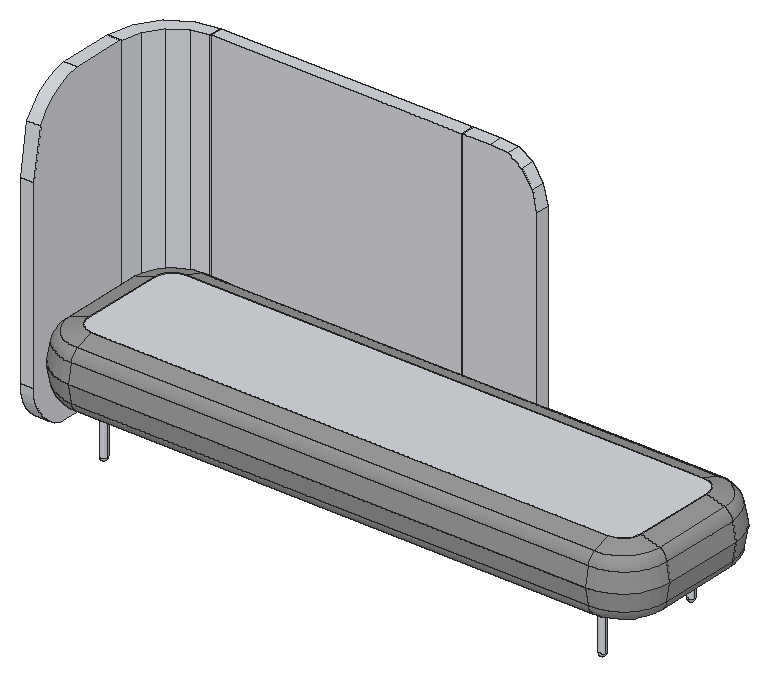
Revit family "Bernhardt-Design_Seating_ChapelleL_3-Seat_Left-Facing_Half-Wall", category Furniture, Revit 2013
Parameters (values of type "2 Seat Left Facing Half Wall")
  Model = "Chapelle"
  Mid Wall = 3' - 2"
  Length = 8' - 1 1/2"
  Description = "Seating"
  Width = 2' - 4 1/4"
  URL = "http://bernhardtdesign.com/"
  Product Page URL = "http://www.bernhardtdesign.com/products/chapelle/index.html"
  Product Name = "Chapelle"
  Product Documentation Link = "http://www.bernhardtdesign.com/pdf/pricelists/sofas/Chapelle_PL.pdf"
  Manufacturer = "Bernhardt "  # constant formula
  Level Certification = ""
  Height = 3' - 11 3/8"
  GreenGuard Certification = ""
  Bernhardt Fabric = none
Reference planes (in)
  plane 1 "Center (Front/Back)": y = 0
  plane 2 "Bottom": z = 0
  plane 3 "Center (Left/Right)": x = 0
  plane 4: x = -24
  plane 5: x = 14
  plane 6 "Total Height": z = 47.375
  plane 7 "Seat Height": z = 16.87819
  plane 8 "Base": z = 0.76323
  plane 9: y = -1.50846
  plane 10: y = -18.00846
  plane 11 "seat front edge": y = -20.50934
Forms (in)
  Extrusion 1, solid, material <- "Bernhardt Fabric"
    sketch origin (0, 0, 0) x (1, 0, 0) y (0, 1, 0)
      loop
        line (-24, 8.08149) -> (-24, 6.08149) -> (14, 6.08149) -> (14, 8.08149) -> (-24, 8.08149)
    from 0.76323 to 47.375
  Extrusion 2, void
    sketch origin (0, 0, 0) x (0, 1, 0) y (0, 0, 1)
      loop
        line (-9.75846, 47.375) -> (-9.75846, 53.875) -> (-24.50846, 53.875) -> (-18.00846, 29.97832)
        arc (-18.00846, 29.97832) -> (-17.92454, 36.30552) -> (-16.7009, 42.51385) r 34.94218
        arc (-16.7009, 42.51385) -> (-13.79438, 45.75091) -> (-9.75846, 47.375) r 9.61187
      loop
        line (-18.00846, 7.50157) -> (-23.08796, -4.465) -> (-12.78184, 0.76323)
        arc (-12.78184, 0.76323) -> (-16.52625, 3.25506) -> (-18.00846, 7.50157) r 7.06609
    from -76.66408 to 0
  Extrusion 3, solid, material <- "Bernhardt Fabric"
    sketch origin (0, 0, 0) x (-1, 0, 0) y (0, -1, 0)
      loop
        line (24, -8.08149) -> (27.42352, -7.3538) -> (30.579, -5.30461) -> (32.62139, -2.15959) -> (33.40106, 1.50846) -> (31.35638, 1.50846) -> (30.74217, -1.38119) -> (29.13319, -3.8588) -> (26.64512, -5.47458) -> (24, -6.03681) -> (24, -8.08149)
    from 0.76323 to 47.375
  Extrusion 4, solid, material <- "Bernhardt Fabric"
    sketch origin (0, 0, 0) x (-1, 0, 0) y (0, -1, 0)
      loop
        line (33.40106, 1.50846) -> (33.40106, 18.00846) -> (31.40106, 18.00846) -> (31.40106, 1.50846) -> (33.40106, 1.50846)
    from 0.76323 to 47.375
  Extrusion 5, solid, material <- "Bernhardt Fabric"
    sketch origin (0, 0, 0) x (-1, 0, 0) y (0, 0, -1)
      loop
        line (-14, -47.375) -> (-14, -0.76323) -> (-18.25504, -0.76323) -> (-20.69558, -1.40923) -> (-23.18269, -3.08681) -> (-24.72047, -5.36666) -> (-25.29937, -8.09017) -> (-25.29937, -40.59017) -> (-24.62452, -43.51328) -> (-22.97515, -45.78344) -> (-20.87847, -47.14504) -> (-18.25, -47.375) -> (-14, -47.375)
    from -6.08149 to -8.08149
Cuts and joins
  Extrusion 2 cuts Extrusion 4
Lines and regions (in)
  symbolic lines
    curve 1: line (-33.40106, -1.50846, 0) -> (-33.40106, -18.00846, 0)
    curve 2: line (-31.40106, -18.00846, 0) -> (-31.40106, -1.71867, 0)
    curve 3: line (-33.40106, -18.00846, 0) -> (-31.40106, -18.00846, 0)
    curve 4: line (-32.62139, 2.15959, 0) -> (-33.40106, -1.50846, 0)
    curve 5: line (-31.40106, -1.71867, 0) -> (-30.74217, 1.38119, 0)
    curve 6: line (-30.579, 5.30461, 0) -> (-32.62139, 2.15959, 0)
    curve 7: line (-27.42352, 7.3538, 0) -> (-30.579, 5.30461, 0)
    curve 8: line (-24, 8.08149, 0) -> (-27.42352, 7.3538, 0)
    curve 9: line (-26.64512, 5.47458, 0) -> (-23.78979, 6.08149, 0)
    curve 10: line (-29.13319, 3.8588, 0) -> (-26.64512, 5.47458, 0)
    curve 11: line (-30.74217, 1.38119, 0) -> (-29.13319, 3.8588, 0)
    curve 12: line (14, 8.08149, 0) -> (-24, 8.08149, 0)
    curve 13: line (25.29937, 8.08149, 0) -> (14, 8.08149, 0)
    curve 14: line (25.29937, 6.08149, 0) -> (25.29937, 8.08149, 0)
    curve 15: line (14, 6.08149, 0) -> (25.29937, 6.08149, 0)
    curve 16: line (-23.78979, 6.08149, 0) -> (14, 6.08149, 0)
    curve 17: arc (-30.90493, -13.65652, 0) -> (-28.85468, -18.60626, 0) -> (-23.90493, -20.65652, 0) r 7
    curve 18: arc (54.09507, 5.74652, 0) -> (59.04482, 3.69626, 0) -> (61.09507, -1.25348, 0) r 7
    curve 19: arc (61.09507, -13.65652, 0) -> (59.04482, -18.60626, 0) -> (54.09507, -20.65652, 0) r 7
    curve 20: line (-23.90493, 5.74652, 0) -> (54.09507, 5.74652, 0)
    curve 21: line (61.09507, -1.25348, 0) -> (61.09507, -13.65652, 0)
    curve 22: line (-30.90493, -1.25348, 0) -> (-30.90493, -13.65652, 0)
    curve 23: line (-23.90493, -20.65652, 0) -> (52.72007, -20.65652, 0)
Dimensions and locks (in)
  "Height": plane 6 "Total Height" to level
  "Mid Wall": plane 4 to plane 5
  locked: plane 3 "Center (Left/Right)" to nested 1 at 61.09507
  aligned and locked: plane 2 "Bottom" to level
  aligned and locked: Extrusion 1 sketch curve to plane 4
  aligned and locked: Extrusion 1 sketch curve to plane 5
  aligned and locked: Extrusion 1 to plane 8 "Base"
  aligned and locked: plane 6 "Total Height" to Extrusion 1
  aligned and locked: Extrusion 3 to Extrusion 4
Automatic sketch dimensions
  Extrusion 1 sketch curve to plane 1 "Center (Front/Back)" = 0' - 6.08149"
  Extrusion 1 sketch curve to Extrusion 1 sketch curve = 0' - 2"
  Extrusion 2 sketch curve to plane 10 = 0' - 0"  (x2)
  Extrusion 2 sketch curve to plane 8 "Base" = 0' - 0"
  Extrusion 2 sketch curve to plane 6 "Total Height" = 0' - 0"
  Extrusion 2 sketch curve to level = 0' - 4.465"
  Extrusion 2 sketch curve to plane 11 "seat front edge" = 0' - 2.57862"
  Extrusion 2 sketch curve to plane 11 "seat front edge" = 0' - 3.99912"
  Extrusion 2 sketch curve to plane 10 = 0' - 5.22662"
  plane 9 to Extrusion 2 sketch curve = 0' - 8 1/4"
  Extrusion 2 sketch curve to plane 10 = 0' - 1.30756"
  plane 8 "Base" to Extrusion 2 sketch curve = 0' - 6.8226"
  Extrusion 2 sketch curve to Extrusion 2 sketch curve = 0' - 7.06559"
  plane 9 to Extrusion 2 sketch curve = 0' - 6.77278"
  Extrusion 2 sketch curve to plane 1 "Center (Front/Back)" = 1' - 4.82908"
  plane 7 "Seat Height" to Extrusion 2 sketch curve = 1' - 1.10012"
  Extrusion 2 sketch curve to Extrusion 2 sketch curve = 0' - 6 1/2"
  Extrusion 2 sketch curve to Extrusion 2 sketch curve = 1' - 2.69456"
  Extrusion 3 sketch curve to plane 4 = 0' - 0"
  plane 9 to Extrusion 3 sketch curve = 0' - 0"
  plane 1 "Center (Front/Back)" to Extrusion 3 sketch curve = 0' - 1.38119"
  Extrusion 3 sketch curve to plane 4 = 0' - 2.64512"
  Extrusion 3 sketch curve to Extrusion 3 sketch curve = 0' - 0.7784"
  Extrusion 3 sketch curve to Extrusion 3 sketch curve = 0' - 2.48808"
  Extrusion 3 sketch curve to Extrusion 3 sketch curve = 0' - 1.44581"  (x2)
  Extrusion 3 sketch curve to Extrusion 3 sketch curve = 0' - 1.60898"
  Extrusion 3 sketch curve to Extrusion 3 sketch curve = 0' - 0.61421"
  plane 1 "Center (Front/Back)" to Extrusion 3 sketch curve = 0' - 2.15959"
  Extrusion 3 sketch curve to Extrusion 3 sketch curve = 0' - 1.87923"  (x2)
  Extrusion 3 sketch curve to Extrusion 3 sketch curve = 0' - 2.04468"  (x2)
  Extrusion 3 sketch curve to Extrusion 3 sketch curve = 0' - 2.47761"
  Extrusion 3 sketch curve to Extrusion 3 sketch curve = 0' - 1.61577"
  Extrusion 3 sketch curve to Extrusion 3 sketch curve = 0' - 0.56224"
  plane 10 to Extrusion 4 sketch curve = 0' - 0"
  plane 9 to Extrusion 4 sketch curve = 0' - 0"
  Extrusion 4 sketch curve to plane 4 = 0' - 7.40106"
  Extrusion 4 sketch curve to Extrusion 4 sketch curve = 0' - 2"
  Extrusion 5 sketch curve to plane 8 "Base" = 0' - 0"
  Extrusion 5 sketch curve to plane 6 "Total Height" = 0' - 0"
  Extrusion 5 sketch curve to plane 5 = 0' - 0"
  Extrusion 5 sketch curve to plane 8 "Base" = 0' - 0.646"
  Extrusion 5 sketch curve to plane 5 = 0' - 4 1/4"
  Extrusion 5 sketch curve to plane 5 = 0' - 4.25504"
  Extrusion 5 sketch curve to Extrusion 5 sketch curve = 0' - 2.44054"
  plane 6 "Total Height" to Extrusion 5 sketch curve = 0' - 0.22996"
  Extrusion 5 sketch curve to Extrusion 5 sketch curve = 0' - 2.62847"
  plane 6 "Total Height" to Extrusion 5 sketch curve = 0' - 1.59156"
  Extrusion 5 sketch curve to Extrusion 5 sketch curve = 0' - 2.09668"
  Extrusion 5 sketch curve to plane 8 "Base" = 0' - 2.32358"
  Extrusion 5 sketch curve to Extrusion 5 sketch curve = 0' - 2.48711"
  plane 6 "Total Height" to Extrusion 5 sketch curve = 0' - 3.86172"
  Extrusion 5 sketch curve to Extrusion 5 sketch curve = 0' - 1.64937"
  Extrusion 5 sketch curve to plane 8 "Base" = 0' - 4.60343"
  Extrusion 5 sketch curve to Extrusion 5 sketch curve = 0' - 1.53778"
  Extrusion 5 sketch curve to Extrusion 5 sketch curve = 0' - 0.67485"
  Extrusion 5 sketch curve to Extrusion 5 sketch curve = 0' - 2.72351"
  Extrusion 5 sketch curve to Extrusion 5 sketch curve = 0' - 2.92311"
  plane 10 to curve 1 = 0' - 0"
  plane 9 to curve 4 = 0' - 0"
  curve 8 to plane 4 = 0' - 0"
  curve 13 to plane 5 = 0' - 0"
  curve 16 to plane 5 = 0' - 0"
  curve 22 to plane 10 = 0' - 4.35194"
  plane 4 to curve 9 = 0' - 2.64512"
  curve 8 to curve 9 = 0' - 0.7784"
  curve 10 to curve 9 = 0' - 2.48808"
  curve 7 to curve 10 = 0' - 1.44581"
  curve 11 to plane 1 "Center (Front/Back)" = 0' - 1.38119"
  curve 11 to curve 10 = 0' - 1.60898"
  plane 9 to curve 2 = 0' - 0.21021"
  curve 2 to curve 22 = 0' - 0.49613"
  curve 6 to plane 1 "Center (Front/Back)" = 0' - 2.15959"
  curve 6 to curve 5 = 0' - 1.87923"
  curve 1 to curve 2 = 0' - 2"
  curve 16 to plane 4 = 0' - 0.21021"
  curve 15 to curve 14 = 0' - 11.29937"
  curve 20 to plane 1 "Center (Front/Back)" = 0' - 5.74652"
  curve 14 to curve 20 = 2' - 4.7957"
  curve 21 to plane 9 = 0' - 0.25497"
  curve 17 to plane 4 = 0' - 0.09507"
  curve 20 to plane 4 = 0' - 0.09507"
  curve 23 to plane 11 "seat front edge" = 0' - 0.14718"
  curve 23 to curve 19 = 0' - 8 3/8"
  curve 19 to curve 19 = 0' - 7"
  curve 21 to plane 10 = 0' - 4.35194"
  curve 5 to curve 11 = 0' - 2.47761"
  curve 10 to curve 6 = 0' - 1.44581"
  curve 10 to curve 20 = 0' - 0.27194"
  curve 16 to plane 1 "Center (Front/Back)" = 0' - 6.08149"
  curve 9 to curve 7 = 0' - 1.87923"
  curve 15 to curve 12 = 0' - 2"
  curve 22 to plane 9 = 0' - 0.25497"
Nested families (in)
  nested 1: "Bernhardt-Design_Seating_ChapelleL_3-Seat_Bench" at (14.93699, 10.96527, 0), type "3 seater bench"
Definition of nested family "Bernhardt-Design_Seating_ChapelleL_3-Seat_Bench"
  Parameters (values of type "3 seater bench")
    Width = 1' - 10 7/8"
    Model = "Chapelle 3 Seat Bench"
    Manufacturer = "Bernhardt"
    Length = 7' - 8"
    Height = 1' - 6"
    Description = "Seating"
    Bernhardt Metal = none
    Bernhardt Fabrics = Fabric-Bernhardt-White
  Reference planes (in)
    plane 1: z = 0
    plane 2: z = 47.125
    plane 3: y = -5.21875
    plane 4 "mid seat": z = 11.85004
    plane 5 "op seat": z = 16.98912
    plane 6: x = -1.59193
    plane 7 "front edge of bench": y = -31.62178
    plane 8 "Bench center": y = -18.53536
    plane 9: x = -45.84193
    plane 10: x = -37.46693
    plane 11: y = -10.00733
    plane 12: y = -26.79581
    plane 13: x = 46.15807
    plane 14: x = 37.78307
    plane 15: z = 11.85004
  Forms (in)
    Revolve 1, solid
      sketch origin (-15.73798, -26.79581, 0) x (0, 0, -1) y (1, 0, 0)
        loop
          line (-6.88986, -21.72633) -> (0, -21.72633)
          arc (0, -21.72633) -> (-0.20612, -21.34815) -> (-0.60963, -21.19754) r 0.6158
          line (-0.60963, -21.19754) -> (-5.60963, -21.19754)
          arc (-5.60963, -21.19754) -> (-6.34307, -20.9291) -> (-6.71097, -20.24015) r 1.0948
          line (-6.71097, -20.24015) -> (-6.83424, -20.24015) -> (-6.88986, -20.44772) -> (-6.88986, -21.72633)
        axis (-6.88986, -21.72633) -> (0, -21.72633)
      angle from 0 to 360
    Revolve 2, solid
      sketch origin (-15.66149, -10.00733, 0) x (0, 0, -1) y (-1, 0, 0)
        loop
          line (-6.88986, 21.72633) -> (-6.88986, 20.44772) -> (-6.83424, 20.24015) -> (-6.71097, 20.24015)
          arc (-6.71097, 20.24015) -> (-6.34307, 20.9291) -> (-5.60963, 21.19754) r 1.0948
          line (-5.60963, 21.19754) -> (-0.60963, 21.19754)
          arc (-0.60963, 21.19754) -> (-0.20612, 21.34815) -> (0, 21.72633) r 0.6158
          line (0, 21.72633) -> (-6.88986, 21.72633)
        axis (-6.88986, 21.72633) -> (0, 21.72633)
      angle from 0 to 360
    Sweep 3, solid, material "Fabric-Bernhardt-White"
      path origin (0, 0, 6.71097) x (0, 1, 0) y (-1, 0, 0)
        loop
          arc (-5.21875, 38.84193) -> (-7.269, 43.79167) -> (-12.21875, 45.84193) r 7
          line (-12.21875, 45.84193) -> (-24.62178, 45.84193)
          arc (-24.62178, 45.84193) -> (-29.57153, 43.79167) -> (-31.62178, 38.84193) r 7
          line (-31.62178, 38.84193) -> (-31.62178, -39.15807)
          arc (-31.62178, -39.15807) -> (-29.57153, -44.10782) -> (-24.62178, -46.15807) r 7
          line (-24.62178, -46.15807) -> (-12.21875, -46.15807)
          arc (-12.21875, -46.15807) -> (-7.269, -44.10782) -> (-5.21875, -39.15807) r 7
          line (-5.21875, -39.15807) -> (-5.21875, 38.84193)
      profile origin (0.15807, -5.21875, 6.71097) x (0, 1, 0) y (0, 0, 1)
        loop
          line (0, 5.13907) -> (-4.32844, 5.13907) -> (-4.32844, 0) -> (-1.55892, 0.88647)
          arc (-1.55892, 0.88647) -> (-0.84704, 1.53879) -> (-0.47753, 2.43085) r 2.23055
          line (-0.47753, 2.43085) -> (0, 5.13907)
    Extrusion 4, solid
      sketch origin (0, 0, 16.98912) x (-1, 0, 0) y (0, -1, 0)
        loop
          arc (-39.15807, 27.29334) -> (-41.04715, 26.51086) -> (-41.82963, 24.62178) r 2.67156
          line (-41.82963, 24.62178) -> (-41.82963, 12.21875)
          arc (-41.82963, 12.21875) -> (-41.04715, 10.32967) -> (-39.15807, 9.54719) r 2.67156
          line (-39.15807, 9.54719) -> (38.84193, 9.54719)
          arc (38.84193, 9.54719) -> (40.731, 10.32967) -> (41.51348, 12.21875) r 2.67156
          line (41.51348, 12.21875) -> (41.51348, 24.62178)
          arc (41.51348, 24.62178) -> (40.731, 26.51086) -> (38.84193, 27.29334) r 2.67156
          line (38.84193, 27.29334) -> (-39.15807, 27.29334)
      from 0 to -5.13907
    Revolve 5, solid
      sketch origin (12.55413, -26.79581, 0) x (0, 0, -1) y (1, 0, 0)
        loop
          line (-6.88986, 25.22633) -> (-6.88986, 23.94772) -> (-6.83424, 23.74015) -> (-6.71097, 23.74015)
          arc (-6.71097, 23.74015) -> (-6.34307, 24.4291) -> (-5.60963, 24.69754) r 1.0948
          line (-5.60963, 24.69754) -> (-0.60963, 24.69754)
          arc (-0.60963, 24.69754) -> (-0.20612, 24.84815) -> (0, 25.22633) r 0.6158
          line (0, 25.22633) -> (-6.88986, 25.22633)
        axis (-6.88986, 25.22633) -> (0, 25.22633)
      angle from 0 to 360
    Revolve 6, solid
      sketch origin (12.47764, -10.00733, 0) x (0, 0, -1) y (-1, 0, 0)
        loop
          line (-6.88986, -25.22633) -> (0, -25.22633)
          arc (0, -25.22633) -> (-0.20612, -24.84815) -> (-0.60963, -24.69754) r 0.6158
          line (-0.60963, -24.69754) -> (-5.60963, -24.69754)
          arc (-5.60963, -24.69754) -> (-6.34307, -24.4291) -> (-6.71097, -23.74015) r 1.0948
          line (-6.71097, -23.74015) -> (-6.83424, -23.74015) -> (-6.88986, -23.94772) -> (-6.88986, -25.22633)
        axis (-6.88986, -25.22633) -> (0, -25.22633)
      angle from 0 to 360
    Sweep 7, solid, material "Fabric-Bernhardt-White"
      path origin (0, 0, 16.98912) x (-1, 0, 0) y (0, -1, 0)
        loop
          arc (38.84193, 5.21875) -> (43.79167, 7.269) -> (45.84193, 12.21875) r 7
          line (45.84193, 12.21875) -> (45.84193, 24.62178)
          arc (45.84193, 24.62178) -> (43.79167, 29.57153) -> (38.84193, 31.62178) r 7
          line (38.84193, 31.62178) -> (-39.15807, 31.62178)
          arc (-39.15807, 31.62178) -> (-44.10782, 29.57153) -> (-46.15807, 24.62178) r 7
          line (-46.15807, 24.62178) -> (-46.15807, 12.21875)
          arc (-46.15807, 12.21875) -> (-44.10782, 7.269) -> (-39.15807, 5.21875) r 7
          line (-39.15807, 5.21875) -> (38.84193, 5.21875)
      profile origin (0.15807, -5.21875, 16.98912) x (0, 1, 0) y (0, 0, 1)
        loop
          line (0, -5.13907) -> (-0.47753, -2.43085)
          arc (-0.47753, -2.43085) -> (-0.84704, -1.53879) -> (-1.55892, -0.88647) r 2.23055
          line (-1.55892, -0.88647) -> (-4.32844, 0) -> (-4.32844, -5.13907) -> (0, -5.13907)
  Lines and regions (in)
    symbolic lines
      curve 1: arc (-38.84193, -5.21875, 16.98912) -> (-43.79167, -7.269, 16.98912) -> (-45.84193, -12.21875, 16.98912) r 7
      curve 2: arc (-45.84193, -24.62178, 16.98912) -> (-43.79167, -29.57153, 16.98912) -> (-38.84193, -31.62178, 16.98912) r 7
      curve 3: line (-45.84193, -12.21875, 16.98912) -> (-45.84193, -24.62178, 16.98912)
      curve 4: arc (39.15807, -5.21875, 16.98912) -> (44.10782, -7.269, 16.98912) -> (46.15807, -12.21875, 16.98912) r 7
      curve 5: arc (46.15807, -24.62178, 16.98912) -> (44.10782, -29.57153, 16.98912) -> (39.15807, -31.62178, 16.98912) r 7
      curve 6: line (46.15807, -12.21875, 16.98912) -> (46.15807, -24.62178, 16.98912)
      curve 7: line (-38.84193, -5.21875, 16.98912) -> (39.15807, -5.21875, 16.98912)
      curve 8: line (-38.84193, -31.62178, 16.98912) -> (39.15807, -31.62178, 16.98912)
  Dimensions and locks (in)
    locked: plane 2 to level at 47.125
    locked: plane 9 to plane 10 at 8.375
    locked: plane 13 to plane 14 at 8.375
    "Length": plane 9 to plane 13
    plane 3 to plane 11 to plane 8 "Bench center" = 0' - 4.78858", 0' - 8.52803"
    plane 8 "Bench center" to plane 12 to plane 7 "front edge of bench" = 0' - 8.26046", 0' - 4.82597"
    plane 15 to plane 5 "op seat" to plane 2 = 0' - 5.13907", 2' - 6.13588"
    aligned and locked: level to plane 1
    aligned and locked: Extrusion 4 to plane 4 "mid seat"
    aligned and locked: plane 11 to Revolve 2
    aligned and locked: plane 12 to Revolve 1
    aligned and locked: plane 9 to Sweep 3 sketch curve
    aligned and locked: plane 13 to Sweep 3 sketch curve
    aligned and locked: Extrusion 4 to Sweep 3  (x2)
  Automatic sketch dimensions
    Revolve 1 sketch curve to level = 0' - 0"  (x2)
    plane 10 to Revolve 1 sketch curve = 0' - 0.00262"
    level to Revolve 1 sketch curve = 0' - 0.60963"
    plane 10 to Revolve 1 sketch curve = 0' - 0.53141"
    Revolve 1 sketch curve to Revolve 1 sketch curve = 0' - 5"
    Revolve 1 sketch curve to Revolve 1 sketch curve = 0' - 1.10134"
    plane 10 to Revolve 1 sketch curve = 0' - 1.48879"
    Revolve 1 sketch curve to Revolve 1 sketch curve = 0' - 0.12327"
    Revolve 1 sketch curve to Revolve 1 sketch curve = 0' - 1.28023"
    Revolve 1 sketch curve to Revolve 1 sketch curve = 0' - 0"  (x2)
    Revolve 1 sketch curve to Revolve 1 sketch curve = 0' - 1.08616"
    Revolve 1 sketch curve to Revolve 1 sketch curve = 0' - 0.20756"
    Revolve 2 sketch curve to level = 0' - 0"  (x2)
    plane 10 to Revolve 2 sketch curve = 0' - 1.56528"
    level to Revolve 2 sketch curve = 0' - 0.60963"
    plane 10 to Revolve 2 sketch curve = 0' - 0.6079"
    Revolve 2 sketch curve to Revolve 2 sketch curve = 0' - 5"
    Revolve 2 sketch curve to Revolve 2 sketch curve = 0' - 1.10134"
    Revolve 2 sketch curve to Revolve 2 sketch curve = 0' - 0.12327"
    plane 10 to Revolve 2 sketch curve = 0' - 0.07911"
    Revolve 2 sketch curve to Revolve 2 sketch curve = 0' - 1.28023"
    Revolve 2 sketch curve to Revolve 2 sketch curve = 0' - 0"  (x2)
    Revolve 2 sketch curve to Revolve 2 sketch curve = 0' - 0.01519"
    Revolve 2 sketch curve to Revolve 2 sketch curve = 0' - 0.20756"
    Sweep 3 sketch curve to plane 7 "front edge of bench" = 0' - 0"
    plane 3 to Sweep 3 sketch curve = 0' - 0"
    Sweep 3 sketch curve to plane 14 = 0' - 1 3/8"
    Sweep 3 sketch curve to plane 12 = 0' - 2.17403"
    plane 11 to Sweep 3 sketch curve = 0' - 2.21142"  (x2)
    Sweep 3 sketch curve to profile plane = 0' - 0"  (x2)
    profile plane to Sweep 3 sketch curve = 0' - 0.88647"
    profile plane to Sweep 3 sketch curve = 0' - 0.47753"
    profile plane to Sweep 3 sketch curve = 0' - 1.55892"
    Sweep 3 sketch curve to Sweep 3 sketch curve = 0' - 2 197/256"
    Sweep 3 sketch curve to Sweep 3 sketch curve = 0' - 2.19666"
    Sweep 3 sketch curve to Sweep 3 sketch curve = 0' - 1.54438"
    Sweep 3 sketch curve to Sweep 3 sketch curve = 0' - 2.70822"
    Extrusion 4 sketch curve to plane 14 = 0' - 4.04656"
    Extrusion 4 sketch curve to plane 11 = 0' - 0.46014"
    Extrusion 4 sketch curve to plane 14 = 0' - 1 3/8"  (x2)
    plane 12 to Extrusion 4 sketch curve = 0' - 0.49752"
    Extrusion 4 sketch curve to plane 10 = 0' - 1 3/8"  (x2)
    Extrusion 4 sketch curve to plane 12 = 0' - 2.17403"
    Revolve 5 sketch curve to level = 0' - 0"  (x2)
    plane 14 to Revolve 5 sketch curve = 0' - 1.48879"
    level to Revolve 5 sketch curve = 0' - 0.60963"
    plane 14 to Revolve 5 sketch curve = 0' - 0.53141"
    Revolve 5 sketch curve to Revolve 5 sketch curve = 0' - 5"
    Revolve 5 sketch curve to Revolve 5 sketch curve = 0' - 1.10134"
    Revolve 5 sketch curve to Revolve 5 sketch curve = 0' - 0.12327"
    plane 14 to Revolve 5 sketch curve = 0' - 0.00262"
    Revolve 5 sketch curve to Revolve 5 sketch curve = 0' - 1.28023"
    Revolve 5 sketch curve to Revolve 5 sketch curve = 0' - 0"  (x2)
    Revolve 5 sketch curve to Revolve 5 sketch curve = 0' - 0.01519"
    Revolve 5 sketch curve to Revolve 5 sketch curve = 0' - 0.20756"
    Revolve 6 sketch curve to level = 0' - 0"  (x2)
    plane 14 to Revolve 6 sketch curve = 0' - 0.07911"
    level to Revolve 6 sketch curve = 0' - 0.60963"
    plane 14 to Revolve 6 sketch curve = 0' - 0.6079"
    Revolve 6 sketch curve to Revolve 6 sketch curve = 0' - 5"
    Revolve 6 sketch curve to Revolve 6 sketch curve = 0' - 1.10134"
    plane 14 to Revolve 6 sketch curve = 0' - 1.56528"
    Revolve 6 sketch curve to Revolve 6 sketch curve = 0' - 0.12327"
    Revolve 6 sketch curve to Revolve 6 sketch curve = 0' - 1.28023"
    Revolve 6 sketch curve to Revolve 6 sketch curve = 0' - 0"  (x2)
    Revolve 6 sketch curve to Revolve 6 sketch curve = 0' - 1.08616"
    Revolve 6 sketch curve to Revolve 6 sketch curve = 0' - 0.20756"
    Sweep 7 sketch curve to plane 13 = 0' - 0"
    Sweep 7 sketch curve to plane 7 "front edge of bench" = 0' - 0"
    plane 3 to Sweep 7 sketch curve = 0' - 0"
    Sweep 7 sketch curve to plane 9 = 0' - 0"
    plane 11 to Sweep 7 sketch curve = 0' - 2.21142"
    Sweep 7 sketch curve to plane 14 = 0' - 1 3/8"
    Sweep 7 sketch curve to plane 10 = 0' - 1 3/8"  (x2)
    Sweep 7 sketch curve to profile plane = 0' - 0"  (x2)
    Sweep 7 sketch curve to profile plane = 0' - 5.13907"
    profile plane to Sweep 7 sketch curve = 0' - 0.47753"
    profile plane to Sweep 7 sketch curve = 0' - 1.55892"
    Sweep 7 sketch curve to Sweep 7 sketch curve = 0' - 2 197/256"
    Sweep 7 sketch curve to Sweep 7 sketch curve = 0' - 1.11527"
    Sweep 7 sketch curve to profile plane = 0' - 2.43085"
    Sweep 7 sketch curve to profile plane = 0' - 0.88647"
    curve 6 to plane 13 = 0' - 0"
    plane 3 to curve 7 = 0' - 0"
    curve 8 to plane 7 "front edge of bench" = 0' - 0"
    curve 3 to plane 9 = 0' - 0"
    plane 11 to curve 6 = 0' - 2.21142"
    curve 8 to plane 14 = 0' - 1 3/8"
    curve 7 to plane 10 = 0' - 1 3/8"
    curve 8 to plane 10 = 0' - 1 3/8"
